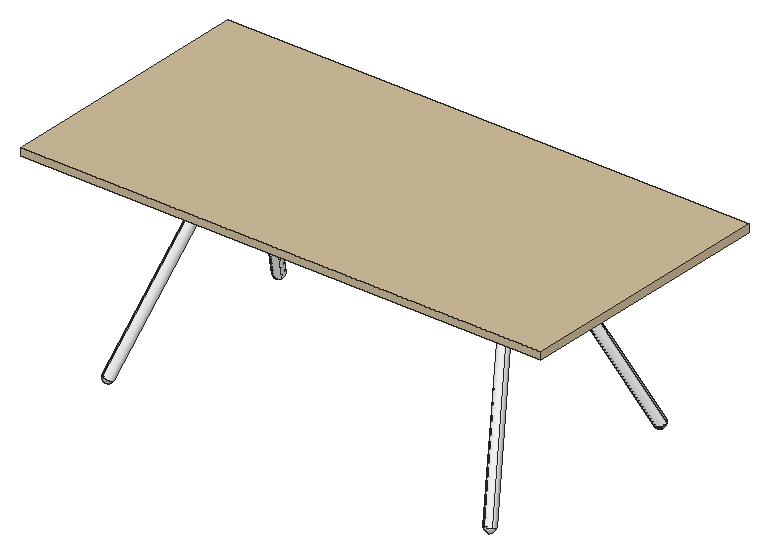
Revit family "Forniture_Tables_Plank_Mart-Table-Rectangular-h73", category Furniture, host Face, Revit 2017
Family settings
  Host = Face
  Cut with Voids When Loaded = No
  Shared = No
  Room Calculation Point = No
Parameters (values of type "Mart Table Rectangular - Mod. 9820-01 (100x200cm)")
  Youtube clip = ""
  Weight Net (Kg) = "0"
  Uniformat II Description = "Movable Furnishings"
  Uniformat II Code = "E2020"
  Uniclass 2015 Name = "Furnishings"
  Uniclass 2015 Code = "EF_40_30"
  Uniclass 2.0 Description = "Fittings, Furnishings And Equipment (Ff&E) And Signage Elements"
  Uniclass 2.0 Code = "EE-35"
  Uniclass 1.4 Description = "Furniture/Equipment"
  Uniclass 1.4 Code = "JN"
  URL = "https://www.plank.it/en/"
  UNSPSC Code = "56"
  Technical description = "https://www.plank.it/en/products/tables/mart-table-rect/"
  Table top = Plank-Frassino
  Table base = plank -white plastic
  Region South America = "AR, BO, BR, CL, CO, EC, FK, GF, GY, PE, PY, SR, UY, VE"
  Region Oceania = "AS, AU, CK, FJ, FM, GU, KI, MH, MP, NC, NF, NR, NU, NZ, PF, PG, PN, PW, SB, TK, TL, TO, TV, UM, WF, WS, VU"
  Region North America = "AG, AI, AW, BB, BL, BM, BQ, BS, BZ, CA, CR, CU, CW, DM, DO, GD, GL, GP, GT, HN, HT, JM, KN, KY, LC, MF, MQ, MS, MX, NI, PA, PM, PR, SV, SX, TC, TT, US, VC, VG, VI"
  Region Middle East = "AE, AF, BH, EG, IL, IQ, IR, JO, KW, LB, OM, PS, QA, SA, SY, TR, YE"
  Region Europe = "AD, AL, AT, AX, BA, BE, BG, BY, CH, CY, CZ, DE, DK, EE, ES, FI, FO, FR, GB, GG, GI, GR, HR, HU, IE, IM, IS, IT, JE, LI, LT, LU, LV, MC, MD, ME, MK, MT, NL, NO, PL, PT, RO, RS, RU, SE, SI, SJ, SK, SM, UA, VA"
  Region Asia = "AM, AZ, BD, BN, BT, CC, CN, CX, GE, HK, ID, IN, IO, JP, KG, KH, KP, KR, KZ, LA, LK, MM, MN, MO, MV, MY, NP, PH, PK, SG, TH, TJ, TM, TW, UZ, VN"
  Region Antarctica = "AQ, BV, GS, HM, TF"
  Region Africa = "AO, BF, BI, BJ, BW, CD, CF, CG, CI, CM, CV, DJ, DZ, EH, ER, ET, GA, GH, GM, GN, GQ, GW, KE, KM, LR, LS, LY, MA, MG, ML, MR, MU, MW, MZ, NA, NE, NG, RE, RW, SC, SD, SH, SL, SN, SO, SS, ST, SZ, TD, TG, TN, TZ, UG, YT, ZA, ZM, ZW"
  QR code = "http://bimobject.com/plank/product/Mart-Table-Rectangular-h-73"
  Product url = "https://www.plank.it/en/products/tables/mart-table-rect/"
  Product group = "Table "
  Product family = "Mart "
  Product data url = "https://bimobject.com/plank/product/Mart-Table-Rectangular-h-73"
  Product certification = ""
  Product SKU = "Mart-Table-Rectangular-h-73"
  Product Guid = "7922ef6b-1177-4e72-af7a-14c19dedfcbe"
  OmniClass Description = "Furnishings, Fixtures and Equipment Products"
  OmniClass Code = "23-21 00 00"
  Nominal width = 2000 mm
  Nominal height = 730 mm
  NBS Reference Description = "Fittings, Furnishings And Equipment (Ff&E) Products"
  NBS Reference Code = "31"
  Material secondary = "Laminate"
  Material main = "Aluminium"
  Masterformat 2014 Description = "Furnishings"
  Masterformat 2014 Code = "12 00 00"
  Manufacturer name = "PLANK"
  Manufacturer country = "Italy"
  Installation instructions = ""
  IFC Classification = "Furnishing Element"
  Edition number = 1
  EAN code = ""
  Design country = "Italy"
  Default Elevation = 1219.2 mm
  Manufacturer = "Plank S.r.l.\r\nVia Nazionale, 35\r\nI-39040 Ora (BZ)\r\nTel. +39 0471 803 500\r\nFax +39 0471 803 599"
  Model = "Mart Table Rectangular - Mod. 9820-01 (100x200cm)"
  Link Model = "https://www.plank.it/en/products/tables/mart-table-rect/"
  Date of publishing = ""
  COBIe Type Category = ""
  Brand url = "http://www.plank.it"
  BIMobject main category code = "furniture"
  BIMobject main category = "Furniture"
  BIMobject category code = "furniture-tables"
  BIMobject category = "Tables"
Reference planes
  plane 1 "Centro (Fronte/Retro)": y = 0
  plane 2: z = 0
  plane 3 "Centro (Sinistra/Destra)": x = 0
Forms (mm)
  Extrusion 1, solid, material "Plank-Frassino" <- "Table top"
    sketch origin (0, 15, 0) x (1, 0, 0) y (0, 1, 0)
      loop
        line (-998, 483) -> (-998, -513) -> (998, -513) -> (998, 483) -> (-998, 483)
    from 721.262 to 751.298
  Revolve 2, solid
    sketch origin (402.279, 480.837, -113.614) x (-0.932101, 0.183437, -0.312312) y (-0.358537, -0.344995, 0.867427)
      loop
        line (-364.042, -0.301) -> (-364.042, 2.843)
        arc (-364.042, 2.843) -> (-373.278, 9.074) -> (-378.03, 19.151) r 21.014
        line (-378.03, 19.151) -> (-381.07, 19.151)
        arc (-381.07, 19.151) -> (-375.397, 6.938) -> (-364.042, -0.301) r 24.014
      axis (-361.095, 19.151) -> (-361.095, -0.301)
    angle from 0 to 360
  Sweep 3, solid, material "plank -white plastic" <- "Table base"
    path origin (462.95, -0.59, 577.885) x (0.991319, 0, -0.131477) y (0, 1, 0)
      loop
        line (120.234, 154.639) -> (120.234, -140.361)
    profile origin (582.141, 6.549, 562.077) x (0.991319, 0, -0.131477) y (0.131477, 0, 0.991319)
      loop
        circle (0, 0) r 17
  Revolve 4, solid, material "Plank-Frassino" <- "Table top"
    sketch origin (501.613, 0, -0.588) x (1, 0, 0) y (0, 0, 1)
      loop
        line (-5.82, 721.262) -> (-139.801, 721.262) -> (-139.801, 716.738) -> (-93.113, 716.738) -> (-50.82, 692.32) -> (-5.82, 692.32) -> (-5.82, 721.262)
      axis (0, 721.262) -> (0, 692.32)
    angle from 0 to 360
  Sweep 5, solid, material "plank -white plastic" <- "Table base"
    path origin (405.326, -216.965, 34.614) x (-0.855343, 0.511693, 0.080989) y (-0.2059, -0.192316, -0.959489)
      loop
        line (-379.785, -10.696) -> (8.897, -698.465)
    profile origin (636.952, -243.664, 359.811) x (-0.845959, 0.350858, -0.401562) y (-0.475389, -0.837368, 0.269853)
      loop
        circle (0, 0) r 17
      loop
        circle (0, 0) r 20
  Revolve 6, solid
    sketch origin (402.279, -480.837, -113.614) x (-0.932101, -0.183437, -0.312312) y (0.358537, -0.344995, -0.867427)
      loop
        arc (-364.042, 0.301) -> (-375.397, -6.938) -> (-381.07, -19.151) r 24.014
        line (-381.07, -19.151) -> (-378.03, -19.151)
        arc (-378.03, -19.151) -> (-373.278, -9.074) -> (-364.042, -2.843) r 21.014
        line (-364.042, -2.843) -> (-364.042, 0.301)
      axis (-361.095, -19.151) -> (-361.095, 0.301)
    angle from 0 to 360
  Sweep 7, solid, material "plank -white plastic" <- "Table base"
    path origin (405.326, 216.965, 34.614) x (-0.855343, -0.511693, 0.080989) y (0.2059, -0.192316, 0.959489)
      loop
        line (-379.785, 10.696) -> (8.897, 698.465)
    profile origin (636.952, 243.664, 359.811) x (0.845959, 0.350858, 0.401562) y (-0.475389, 0.837368, 0.269853)
      loop
        circle (0, 0) r 17
      loop
        circle (0, 0) r 20
  Revolve 8, solid
    sketch origin (402.279, 480.837, -113.614) x (-0.932101, 0.183437, -0.312312) y (-0.358537, -0.344995, 0.867427)
      loop
        line (-364.042, -0.301) -> (-364.042, 2.843)
        arc (-364.042, 2.843) -> (-373.278, 9.074) -> (-378.03, 19.151) r 21.014
        line (-378.03, 19.151) -> (-381.07, 19.151)
        arc (-381.07, 19.151) -> (-375.397, 6.938) -> (-364.042, -0.301) r 24.014
      axis (-361.095, 19.151) -> (-361.095, -0.301)
    angle from 0 to 360
  Sweep 9, solid, material "Plank-Frassino" <- "Table top"
    path origin (379.093, 61.355, 577.885) x (0.808385, -0.573783, -0.131477) y (0.578807, 0.815464, 0)
      loop
        line (119.123, 169.597) -> (129.865, 24.996)
    profile origin (536.049, 69.264, 561.517) x (0.849044, -0.511794, -0.131116) y (0.107215, -0.0761, 0.991319)
      loop
        circle (0, 0) r 12.176
  Sweep 10, solid, material "Plank-Frassino" <- "Table top"
    path origin (-496.225, 126.782, 577.414) x (-0.155438, -0.979224, -0.130229) y (0.987841, -0.15449, -0.017408)
      loop
        line (129.753, -5.178) -> (-32.303, 1024.723)
    profile origin (-0.225, 0.315, 562.195) x (0, 0.991336, 0.131352) y (-0.003072, -0.131351, 0.991331)
      loop
        circle (0, 0) r 16.2
  Sweep 11, solid, material "Plank-Frassino" <- "Table top"
    path origin (379.093, -61.355, 577.885) x (0.808385, 0.573783, -0.131477) y (-0.578807, 0.815464, 0)
      loop
        line (119.123, -169.597) -> (129.865, -24.996)
    profile origin (536.049, -69.264, 561.517) x (-0.849044, -0.511794, 0.131116) y (0.107215, 0.0761, 0.991319)
      loop
        circle (0, 0) r 12.176
  Revolve 12, solid
    sketch origin (-402.279, 480.837, -113.614) x (0.932101, 0.183437, -0.312312) y (-0.358537, 0.344995, -0.867427)
      loop
        arc (-364.042, 0.301) -> (-375.397, -6.938) -> (-381.07, -19.151) r 24.014
        line (-381.07, -19.151) -> (-378.03, -19.151)
        arc (-378.03, -19.151) -> (-373.278, -9.074) -> (-364.042, -2.843) r 21.014
        line (-364.042, -2.843) -> (-364.042, 0.301)
      axis (-361.095, -19.151) -> (-361.095, 0.301)
    angle from 0 to 360
  Sweep 13, solid, material "plank -white plastic" <- "Table base"
    path origin (-462.95, -0.59, 577.885) x (-0.991319, 0, -0.131477) y (0, -1, 0)
      loop
        line (120.234, -154.639) -> (120.234, 140.361)
    profile origin (-582.141, 6.549, 562.077) x (0.991319, 0, 0.131477) y (-0.131477, 0, 0.991319)
      loop
        circle (0, 0) r 17
  Revolve 14, solid, material "Plank-Frassino" <- "Table top"
    sketch origin (-501.613, 0, -0.588) x (-1, 0, 0) y (0, 0, 1)
      loop
        line (-5.82, 721.262) -> (-139.801, 721.262) -> (-139.801, 716.738) -> (-93.113, 716.738) -> (-50.82, 692.32) -> (-5.82, 692.32) -> (-5.82, 721.262)
      axis (0, 721.262) -> (0, 692.32)
    angle from 0 to 360
  Sweep 15, solid, material "plank -white plastic" <- "Table base"
    path origin (-405.326, -216.965, 34.614) x (0.855343, 0.511693, 0.080989) y (-0.2059, 0.192316, 0.959489)
      loop
        line (-379.785, 10.696) -> (8.897, 698.465)
    profile origin (-636.952, -243.664, 359.811) x (-0.845959, -0.350858, 0.401562) y (0.475389, -0.837368, 0.269853)
      loop
        circle (0, 0) r 17
      loop
        circle (0, 0) r 20
  Revolve 16, solid
    sketch origin (-402.279, -480.837, -113.614) x (0.932101, -0.183437, -0.312312) y (0.358537, 0.344995, 0.867427)
      loop
        line (-364.042, -0.301) -> (-364.042, 2.843)
        arc (-364.042, 2.843) -> (-373.278, 9.074) -> (-378.03, 19.151) r 21.014
        line (-378.03, 19.151) -> (-381.07, 19.151)
        arc (-381.07, 19.151) -> (-375.397, 6.938) -> (-364.042, -0.301) r 24.014
      axis (-361.095, 19.151) -> (-361.095, -0.301)
    angle from 0 to 360
  Sweep 17, solid, material "plank -white plastic" <- "Table base"
    path origin (-405.326, 216.965, 34.614) x (0.855343, -0.511693, 0.080989) y (0.2059, 0.192316, -0.959489)
      loop
        line (-379.785, -10.696) -> (8.897, -698.465)
    profile origin (-636.952, 243.664, 359.811) x (0.845959, -0.350858, -0.401562) y (0.475389, 0.837368, 0.269853)
      loop
        circle (0, 0) r 17
      loop
        circle (0, 0) r 20
  Revolve 18, solid
    sketch origin (-402.279, 480.837, -113.614) x (0.932101, 0.183437, -0.312312) y (-0.358537, 0.344995, -0.867427)
      loop
        arc (-364.042, 0.301) -> (-375.397, -6.938) -> (-381.07, -19.151) r 24.014
        line (-381.07, -19.151) -> (-378.03, -19.151)
        arc (-378.03, -19.151) -> (-373.278, -9.074) -> (-364.042, -2.843) r 21.014
        line (-364.042, -2.843) -> (-364.042, 0.301)
      axis (-361.095, -19.151) -> (-361.095, 0.301)
    angle from 0 to 360
  Sweep 19, solid, material "Plank-Frassino" <- "Table top"
    path origin (-379.093, 61.355, 577.885) x (-0.808385, -0.573783, -0.131477) y (0.578807, -0.815464, 0)
      loop
        line (119.123, -169.597) -> (129.865, -24.996)
    profile origin (-536.049, 69.264, 561.517) x (0.849044, 0.511794, 0.131116) y (-0.107215, -0.0761, 0.991319)
      loop
        circle (0, 0) r 12.176
  Sweep 20, solid, material "Plank-Frassino" <- "Table top"
    path origin (-379.093, -61.355, 577.885) x (-0.808385, 0.573783, -0.131477) y (-0.578807, -0.815464, 0)
      loop
        line (119.123, 169.597) -> (129.865, 24.996)
    profile origin (-536.049, -69.264, 561.517) x (-0.849044, 0.511794, -0.131116) y (-0.107215, 0.0761, 0.991319)
      loop
        circle (0, 0) r 12.176
Dimensions and locks
  aligned and locked: plane 2 to host face
  aligned and locked: level to host face
